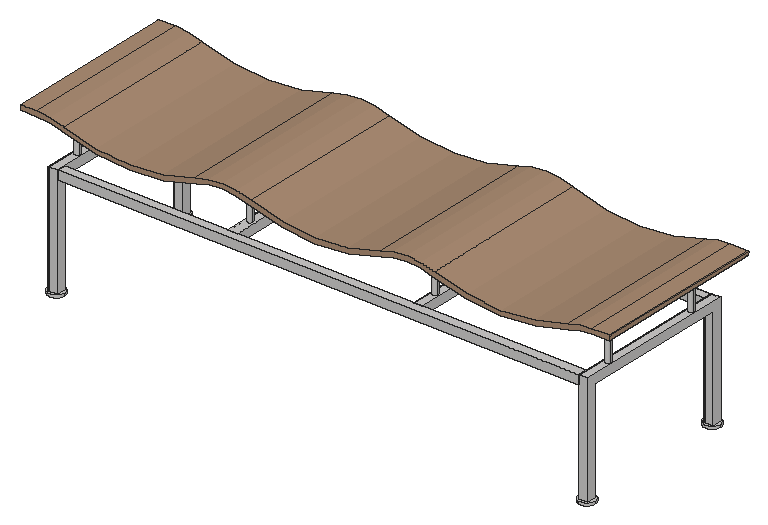
Revit family "Bench-Allermuir-Waves", category Furniture, Revit 2012
Parameters (values of type "A440")
  ecoScorecard_data = "http://thesenatorgroup.ecoscorecard.com/product/A440"
  ecoScorecard Product Page = "http://products.ecoscorecard.com/allermuir/A440?action=html"
  Weight = 0.0 lbf
  URL = "http://www.allermuir.net/Default.aspx"
  Subcategory = "Benches"  # constant formula
  Specifications URL = "http://www.allermuir.net/Services/File.ashx?Id=4491"
  Seat or Base = Wood - Allermuir - Cherry - Stained Dark Low Gloss
  Seat Width = 5' - 4 17/32"
  Seat Height = 1' - 5 23/32"
  Seat Depth = 1' - 6 29/32"
  Product Page URL = "http://www.allermuir.net/Products.aspx?RangeId=122"
  Product Line = "Waves"  # constant formula
  Pricing URL = "http://www.allermuir.net/Services/File.ashx?Id=4341"
  Plugin Data URL = "http://products.ecoscorecard.com/thesenatorgroup/A440"
  Overall Width = 5' - 4 17/32"
  Overall Height = 1' - 5 23/32"
  Overall Depth = 1' - 6 29/32"
  Model = "A440"  # constant formula
  Manufacturer Phone - Toll Free = "(888) 887 5806"  # constant formula
  Manufacturer Phone = "(419) 887 5806"  # constant formula
  Manufacturer Fax = "(419) 887 5805"  # constant formula
  Manufacturer Email = "mailto:contact@allermuir-na.com"
  Manufacturer Address = "1630 Holland Road, Maumee, Ohio 43537 "  # constant formula
  Manufacturer = "Allermuir"  # constant formula
  Leg Support Finish = Metal - Allermuir - Upholstery - Stainless - Brushed
  LEED Stats URL = "http://www.allermuir.net/Services/File.ashx?Id=4434"
  Fabric Spec Sheets = "http://www.allermuir.net/Services/File.ashx?Type=B&Id=51"
  Description = ""
  Color Availability = "See price list for material options"
  CAD Blocks URL = "http://www.allermuir.net/Services/File.ashx?Id=4603"
  Brochure URL = "http://www.allermuir.net/Services/File.ashx?Id=4359"
  Assembly Code = "E2020200"
  95 CSI = "12510"  # constant formula
  04 CSI = "12 51 00"  # constant formula
Reference planes (in)
  plane 1 "Center Front/Back": y = 0
  plane 2: z = 0
  plane 3 "Center Left/Right": x = 0
  plane 4: y = 9.45313
  plane 5: y = -9.45313
  plane 6: z = 17.71875
  plane 7: z = 17.71875
  plane 8: x = -32.26562
  plane 9: x = 32.26563
Dimensions and locks (in)
  equal spacing: plane 4, plane 1 "Center Front/Back", plane 5
  "Overall Depth": plane 4 to plane 5
  "Overall Height": plane 6 to level
  "Seat Height": plane 7 to level
  equal spacing: plane 8, plane 3 "Center Left/Right", plane 9
  "Overall Width": plane 8 to plane 9
  aligned and locked: plane 1 "Center Front/Back" to nested 1
  aligned and locked: plane 3 "Center Left/Right" to nested 1
Nested families (in)
  nested 1: "Wave" at (0, 0, 0), type "Parametric"
Definition of nested family "Wave"
  Parameters (values of type "Parametric")
    Seat Materila = Wood - Allermuir - Cherry - Stained Dark Low Gloss
    Leg Material = Metal - Allermuir - Upholstery - Stainless - Brushed
    Armrest = yes
  Reference planes (in)
    plane 1 "Center Front/Back": y = 0
    plane 2: z = 0
    plane 3 "Center Left/Right": x = 0
    plane 4: x = -30.41339
    plane 5: x = -27.82617
    plane 6: x = -13.3965
    plane 7: x = -6.87909
    plane 8: x = 6.87909
    plane 9: x = 13.3965
    plane 10: x = 27.82617
    plane 11: x = 30.41339
    plane 12: x = 32.26378
    plane 13: x = -32.26378
    plane 14: y = 9.44882
    plane 15: y = -9.44882
    plane 16: y = -9.05512
    plane 17: y = 9.05512
    plane 18: z = 12.40157
    plane 19: z = 17.09249
    plane 20: z = 0.23622
    plane 21: z = 17.71614
  Forms (in)
    Sweep 1, solid, material "Wood - Allermuir - Cherry - Stained Dark Low Gloss" <- "Seat Materila"
      path origin (0, 0, 0) x (1, 0, 0) y (0, 1, 0)
        loop
          line (0, 9.44882) -> (0, -9.44882)
      profile origin (0, 0, 0) x (1, 0, 0) y (0, 0, 1)
        loop
          line (-32.18582, 17.16535) -> (-30.41339, 17.16535)
          arc (-30.41339, 17.16535) -> (-29.02297, 17.04757) -> (-27.67219, 16.69758) r 8.26566
          arc (-27.67219, 16.69758) -> (-20.33272, 15.4413) -> (-12.99072, 16.68273) r 22.19873
          arc (-12.99072, 16.68273) -> (-10.12818, 17.16259) -> (-7.26941, 16.66078) r 8.58166
          arc (-7.26941, 16.66078) -> (-0.00002, 15.40344) -> (7.26646, 16.67749) r 21.5
          arc (7.26646, 16.67749) -> (10.08096, 17.17465) -> (12.89904, 16.69827) r 8.39054
          arc (12.89904, 16.69827) -> (20.33758, 15.43491) -> (27.77064, 16.7301) r 22.25
          arc (27.77064, 16.7301) -> (29.00885, 17.05574) -> (30.28445, 17.16535) r 7.47689
          line (30.28445, 17.16535) -> (32.18513, 17.16535)
          arc (32.18513, 17.16535) -> (32.24074, 17.18839) -> (32.26378, 17.24401) r 0.07865
          line (32.26378, 17.24401) -> (32.26378, 17.63801)
          arc (32.26378, 17.63801) -> (32.2409, 17.69325) -> (32.18565, 17.71614) r 0.07813
          line (32.18565, 17.71614) -> (30.28445, 17.71614)
          arc (30.28445, 17.71614) -> (28.91488, 17.59844) -> (27.58546, 17.24882) r 8.02768
          arc (27.58546, 17.24882) -> (20.3364, 15.98569) -> (13.082, 17.21778) r 21.69922
          arc (13.082, 17.21778) -> (10.07892, 17.72543) -> (7.07968, 17.19564) r 8.94132
          arc (7.07968, 17.19564) -> (-0.00065, 15.95422) -> (-7.08382, 17.17935) r 20.94922
          arc (-7.08382, 17.17935) -> (-10.12607, 17.71337) -> (-13.17233, 17.20271) r 9.13244
          arc (-13.17233, 17.20271) -> (-20.33216, 15.99208) -> (-27.48953, 17.21719) r 21.64795
          arc (-27.48953, 17.21719) -> (-28.93032, 17.5905) -> (-30.41339, 17.71614) r 8.81644
          line (-30.41339, 17.71614) -> (-32.18565, 17.71614)
          arc (-32.18565, 17.71614) -> (-32.2409, 17.69325) -> (-32.26378, 17.63801) r 0.07813
          line (-32.26378, 17.63801) -> (-32.26378, 17.24331)
          arc (-32.26378, 17.24331) -> (-32.24095, 17.18819) -> (-32.18582, 17.16535) r 0.07796
    Sweep 2, solid, material "Metal - Allermuir - Upholstery - Stainless - Brushed" <- "Leg Material"
      path origin (-30.41339, 9.44882, 48) x (0, 1, 0) y (0, 0, 1)
        loop
          line (-17.50394, -47.76378) -> (-17.50394, -36.59843) -> (-1.3937, -36.59843) -> (-1.3937, -47.76378)
      profile origin (-30.41339, 8.05512, 5.8189) x (1, 0, 0) y (0, 1, 0)
        loop
          line (0.88583, 1) -> (0.88583, 0) -> (1.88583, 0) -> (1.88583, 1) -> (0.88583, 1)
        loop
          line (0.93307, 0.95276) -> (0.93307, 0.04724) -> (1.83858, 0.04724) -> (1.83858, 0.95276) -> (0.93307, 0.95276)
    Sweep 3, solid, material "Metal - Allermuir - Upholstery - Stainless - Brushed" <- "Leg Material"
      path origin (27.64173, 9.44882, 48) x (0, 1, 0) y (0, 0, 1)
        loop
          line (-17.50394, -47.76378) -> (-17.50394, -36.59843) -> (-1.3937, -36.59843) -> (-1.3937, -47.76378)
      profile origin (27.64173, 8.05512, 5.8189) x (1, 0, 0) y (0, 1, 0)
        loop
          line (0.88583, 1) -> (0.88583, 0) -> (1.88583, 0) -> (1.88583, 1) -> (0.88583, 1)
        loop
          line (0.93307, 0.95276) -> (0.93307, 0.04724) -> (1.83858, 0.04724) -> (1.83858, 0.95276) -> (0.93307, 0.95276)
    Sweep 4, solid, material "Metal - Allermuir - Upholstery - Stainless - Brushed" <- "Leg Material"
      path origin (-24.8965, -9.05512, 48) x (-1, 0, 0) y (0, 0, 1)
        loop
          line (3.63106, -36.59843) -> (-53.42406, -36.59843)
      profile origin (0, -9.05512, 11.40157) x (0, 0, -1) y (0, 1, 0)
        loop
          line (-1, 1) -> (-1, 0) -> (0, 0) -> (0, 1) -> (-1, 1)
        loop
          line (-0.95276, 0.95276) -> (-0.95276, 0.04724) -> (-0.04724, 0.04724) -> (-0.04724, 0.95276) -> (-0.95276, 0.95276)
    Sweep 5, solid, material "Metal - Allermuir - Upholstery - Stainless - Brushed" <- "Leg Material"
      path origin (-24.8965, 8.05512, 48) x (-1, 0, 0) y (0, 0, 1)
        loop
          line (3.63106, -36.59843) -> (-53.42406, -36.59843)
      profile origin (0, 8.05512, 11.40157) x (0, 0, -1) y (0, 1, 0)
        loop
          line (-1, 1) -> (-1, 0) -> (0, 0) -> (0, 1) -> (-1, 1)
        loop
          line (-0.95276, 0.95276) -> (-0.95276, 0.04724) -> (-0.04724, 0.04724) -> (-0.04724, 0.95276) -> (-0.95276, 0.95276)
    Sweep 6, solid, material "Metal - Allermuir - Upholstery - Stainless - Brushed" <- "Leg Material"
      path origin (0, 0, 0) x (1, 0, 0) y (0, 1, 0)
        loop
          line (0, 8.05512) -> (0, -8.05512)
      profile origin (0, 0, 0) x (1, 0, 0) y (0, 0, 1)
        loop
          line (-10.6378, 12.40157) -> (-10.6378, 11.40157) -> (-9.6378, 11.40157) -> (-9.6378, 12.40157) -> (-10.6378, 12.40157)
        loop
          line (-10.59055, 12.35433) -> (-10.59055, 11.44882) -> (-9.68504, 11.44882) -> (-9.68504, 12.35433) -> (-10.59055, 12.35433)
        loop
          line (9.6378, 12.40157) -> (9.6378, 11.40157) -> (10.6378, 11.40157) -> (10.6378, 12.40157) -> (9.6378, 12.40157)
        loop
          line (9.68504, 12.35433) -> (9.68504, 11.44882) -> (10.59055, 11.44882) -> (10.59055, 12.35433) -> (9.68504, 12.35433)
    Sweep 7, solid, material "Metal - Allermuir - Upholstery - Stainless - Brushed" <- "Leg Material"
      path origin (0, 0, 0) x (1, 0, 0) y (0, 0, 1)
        loop
          line (0, 17.09249) -> (0, 12.40157)
      profile origin (0, 0, 14.74703) x (0, -1, 0) y (1, 0, 0)
        loop
          circle (-5.66929, -29.03491) r 0.2756
        loop
          circle (5.66929, -29.03491) r 0.2756
        loop
          circle (-5.66929, -10.14132) r 0.2756
        loop
          circle (5.66929, -10.14132) r 0.2756
        loop
          circle (-5.66929, 10.11852) r 0.2756
        loop
          circle (5.66929, 10.11852) r 0.2756
        loop
          circle (5.66929, 29.03542) r 0.2756
        loop
          circle (-5.66929, 29.03542) r 0.2756
    Extrusion 8, solid, material "Metal - Allermuir - Upholstery - Stainless - Brushed" <- "Leg Material"
      sketch origin (0, 0, 0) x (1, 0, 0) y (0, 1, 0)
        loop
          line (-10.4252, -4.98031) -> (-10.4252, -6.35827)
          arc (-10.4252, -6.35827) -> (-10.12992, -6.65354) -> (-9.83465, -6.35827) r 0.29528
          line (-9.83465, -6.35827) -> (-9.83465, -4.98031)
          arc (-9.83465, -4.98031) -> (-10.12992, -4.68504) -> (-10.4252, -4.98031) r 0.29528
        loop
          circle (-10.12992, -4.98031) r 0.20702
        loop
          circle (-10.12992, -6.35827) r 0.20702
      from 17.00236 to 17.15984
    Extrusion 9, solid, material "Metal - Allermuir - Upholstery - Stainless - Brushed" <- "Leg Material"
      sketch origin (0, 11.33858, 0) x (1, 0, 0) y (0, 1, 0)
        loop
          line (-10.4252, -4.98031) -> (-10.4252, -6.35827)
          arc (-10.4252, -6.35827) -> (-10.12992, -6.65354) -> (-9.83465, -6.35827) r 0.29528
          line (-9.83465, -6.35827) -> (-9.83465, -4.98031)
          arc (-9.83465, -4.98031) -> (-10.12992, -4.68504) -> (-10.4252, -4.98031) r 0.29528
        loop
          circle (-10.12992, -4.98031) r 0.20702
        loop
          circle (-10.12992, -6.35827) r 0.20702
      from 17.00236 to 17.15984
    Extrusion 10, solid, material "Metal - Allermuir - Upholstery - Stainless - Brushed" <- "Leg Material"
      sketch origin (20.25984, 11.33858, 0) x (1, 0, 0) y (0, 1, 0)
        loop
          line (-10.4252, -4.98031) -> (-10.4252, -6.35827)
          arc (-10.4252, -6.35827) -> (-10.12992, -6.65354) -> (-9.83465, -6.35827) r 0.29528
          line (-9.83465, -6.35827) -> (-9.83465, -4.98031)
          arc (-9.83465, -4.98031) -> (-10.12992, -4.68504) -> (-10.4252, -4.98031) r 0.29528
        loop
          circle (-10.12992, -4.98031) r 0.20702
        loop
          circle (-10.12992, -6.35827) r 0.20702
      from 17.00236 to 17.15984
    Extrusion 11, solid, material "Metal - Allermuir - Upholstery - Stainless - Brushed" <- "Leg Material"
      sketch origin (20.25984, 0, 0) x (1, 0, 0) y (0, 1, 0)
        loop
          line (-10.4252, -4.98031) -> (-10.4252, -6.35827)
          arc (-10.4252, -6.35827) -> (-10.12992, -6.65354) -> (-9.83465, -6.35827) r 0.29528
          line (-9.83465, -6.35827) -> (-9.83465, -4.98031)
          arc (-9.83465, -4.98031) -> (-10.12992, -4.68504) -> (-10.4252, -4.98031) r 0.29528
        loop
          circle (-10.12992, -4.98031) r 0.20702
        loop
          circle (-10.12992, -6.35827) r 0.20702
      from 17.00236 to 17.15984
    Extrusion 12, solid, material "Metal - Allermuir - Upholstery - Stainless - Brushed" <- "Leg Material"
      sketch origin (41.85074, 0, 1.78838) x (0.986286, 0, 0.165048) y (0, 1, 0)
        loop
          line (-10.4252, -4.98031) -> (-10.4252, -6.35827)
          arc (-10.4252, -6.35827) -> (-10.12992, -6.65354) -> (-9.83465, -6.35827) r 0.29528
          line (-9.83465, -6.35827) -> (-9.83465, -4.98031)
          arc (-9.83465, -4.98031) -> (-10.12992, -4.68504) -> (-10.4252, -4.98031) r 0.29528
        loop
          circle (-10.12992, -4.98031) r 0.20702
        loop
          circle (-10.12992, -6.35827) r 0.20702
      from 17.00236 to 17.15984
    Extrusion 13, solid, material "Metal - Allermuir - Upholstery - Stainless - Brushed" <- "Leg Material"
      sketch origin (41.85074, 11.33858, 1.78838) x (0.986286, 0, 0.165048) y (0, 1, 0)
        loop
          line (-10.4252, -4.98031) -> (-10.4252, -6.35827)
          arc (-10.4252, -6.35827) -> (-10.12992, -6.65354) -> (-9.83465, -6.35827) r 0.29528
          line (-9.83465, -6.35827) -> (-9.83465, -4.98031)
          arc (-9.83465, -4.98031) -> (-10.12992, -4.68504) -> (-10.4252, -4.98031) r 0.29528
        loop
          circle (-10.12992, -4.98031) r 0.20702
        loop
          circle (-10.12992, -6.35827) r 0.20702
      from 17.00236 to 17.15984
    Extrusion 14, solid, material "Metal - Allermuir - Upholstery - Stainless - Brushed" <- "Leg Material"
      sketch origin (-21.86875, 0, -1.55546) x (0.986286, 0, -0.165048) y (0, 1, 0)
        loop
          line (-10.4252, -4.98031) -> (-10.4252, -6.35827)
          arc (-10.4252, -6.35827) -> (-10.12992, -6.65354) -> (-9.83465, -6.35827) r 0.29528
          line (-9.83465, -6.35827) -> (-9.83465, -4.98031)
          arc (-9.83465, -4.98031) -> (-10.12992, -4.68504) -> (-10.4252, -4.98031) r 0.29528
        loop
          circle (-10.12992, -4.98031) r 0.20702
        loop
          circle (-10.12992, -6.35827) r 0.20702
      from 17.00236 to 17.15984
    Extrusion 15, solid, material "Metal - Allermuir - Upholstery - Stainless - Brushed" <- "Leg Material"
      sketch origin (-21.86875, 11.33858, -1.55546) x (0.986286, 0, -0.165048) y (0, 1, 0)
        loop
          line (-10.4252, -4.98031) -> (-10.4252, -6.35827)
          arc (-10.4252, -6.35827) -> (-10.12992, -6.65354) -> (-9.83465, -6.35827) r 0.29528
          line (-9.83465, -6.35827) -> (-9.83465, -4.98031)
          arc (-9.83465, -4.98031) -> (-10.12992, -4.68504) -> (-10.4252, -4.98031) r 0.29528
        loop
          circle (-10.12992, -4.98031) r 0.20702
        loop
          circle (-10.12992, -6.35827) r 0.20702
      from 17.00236 to 17.15984
    Extrusion 16, solid, material "Metal - Allermuir - Upholstery - Stainless - Brushed" <- "Leg Material"
      sketch origin (0, 0, 0) x (1, 0, 0) y (0, 1, 0)
        loop
          circle (-29.03053, 8.55936) r 0.88946
        loop
          circle (-29.03053, -8.55936) r 0.88946
        loop
          circle (29.03053, 8.55936) r 0.88946
        loop
          circle (29.03053, -8.55936) r 0.88946
      from 0 to 0.23622
  Lines and regions (in)
    symbolic lines, style "Seat"
      curve 1: line (-32.26378, 9.44882, 0) -> (32.26378, 9.44882, 0)
      curve 2: line (-32.26378, -9.44882, 0) -> (32.26378, -9.44882, 0)
      curve 3: line (32.26378, 9.44882, 0) -> (32.26378, -9.44882, 0)
      curve 4: line (-32.26378, 9.44882, 0) -> (-32.26378, -9.44882, 0)
  Dimensions and locks (in)
    aligned and locked: plane 14 to Sweep 1 sketch curve
    aligned and locked: plane 15 to Sweep 1 sketch curve
    aligned and locked: plane 19 to Sweep 7 sketch curve
    aligned and locked: plane 18 to Sweep 7 sketch curve
    aligned and locked: Extrusion 16 to level
    aligned and locked: plane 20 to Extrusion 16
